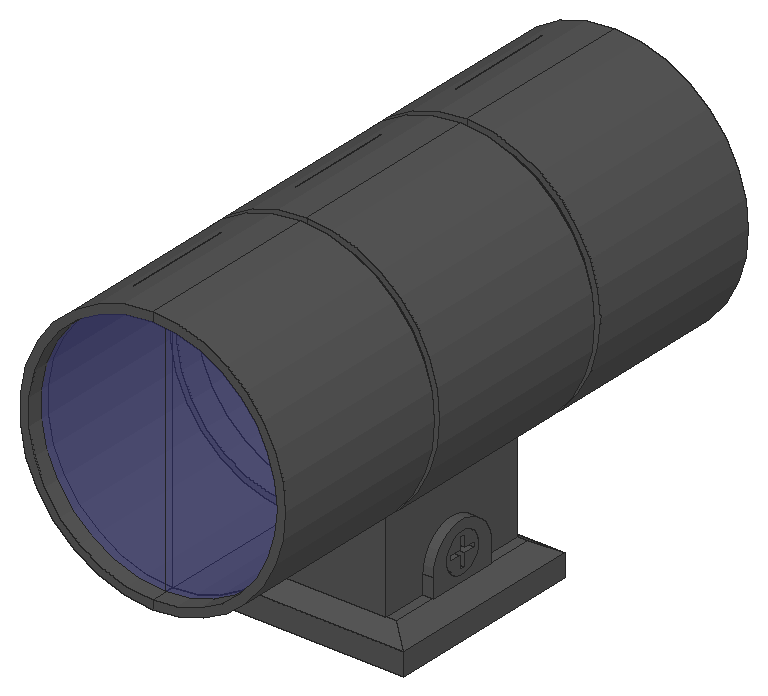
Revit family "CARLO CYLINDER LIGHT WALL MOUNT", category Lighting Fixtures, host Face, Revit 2020 (continued)
Types (10): name | Wattage_Input | Wattage Comments | Wattage | Photometric Web File | built-in parameter 1150142 | Model | built-in parameter 1150105 | Lumens | Light Length 1 | LIGHT RADIUS | LIGHT PLACEMENT | LIGHT LENGTH | LIGHT DIA | built-in parameter 1150106 | FIXED END HEIGHT | Curve base Height | Base Curve | BEAMING ANGLE | Apparent Load
    11.788 10.84 10.007 9.2236 8.4447 \r\n 7.697 6.9879 6.3297 5.7423 5.211 4.7222 4.2923 3.9447 3.6453 3.3645 \r\n 3.1131 2.8943 2.7022 2.5326 2.3832 2.2521 2.1345 2.0254 1.9241 1.8269 \r\n 1.7366 1.6565 1.5823 1.51 1.4423 1.3814 1.3246 1.27 1.2175 1.1657 \r\n 1.1167 1.0726 1.0315 0.99206 0.95434 0.91995 0.88592 0.84892 0.81184 0.77711 \r\n 0.74288 0.7078 0.67282 0.63852 0.60469 0.57165 0.53832 0.50274 0.46776 0.43636 \r\n 0.40609 0.37511 0.34456 0.31571 0.28638 0.25312 0.22138 0.22561 0.23821 0.24044 \r\n 0.24015 0.23319 0.23691 0.27514 0.32429 0.36667 0.40848 0.46923 0.52324 0.54184 \r\n 0.55379 0.58354 0.6154 0.63836 0.66279 0.69819 0.73606 0.76971 0.80325 0.83916 \r\n 0.87561 0.91075 0.94705 0.98785 1.0286 1.064 1.0999 1.1453 1.1926 1.2358 \r\n 1.2795 1.3266 1.3758 1.4264 1.48 1.5385 1.5996 1.6595 1.7233 1.7967 \r\n 1.8743 1.9506 2.0308 2.1177 2.2127 2.3173 2.4343 2.568 2.716 2.8745 \r\n 3.0516 3.2525 3.4823 3.7469 4.0492 4.395 4.7814 5.1957 5.6729 6.2552 \r\n 6.908 7.6041 8.3627 9.2071 10.097 10.983 11.912 12.933 13.984 15.01 \r\n 16.049 17.119 18.229 19.39 20.609 21.909 23.253 24.484 25.984 28.041 \r\n 30.792 34.423 39.072 43.461 52.028 70.835 93.738 115.51 139.46 168.09 \r\n 198.59 228.7 259.27 291.04 322.12 350.77 377.16 401.06 421.97 439.6 \r\n 453.05 460.12 464.4 469.1 473.15 476.45 479.28 481.84 484.26 486.72 \r\n 489.3 492.22 495.31 498.47 501.7 505.03 508.31 511.31 514.32 517.6 \r\n 521.05 524.71 528.47 532.2 536.01 539.86 544.01 548.69 553.99 560.01 \r\n 566.95 574.95 584.23 594.91 607.47 622.29 639.86 660.55 685.15 714.42 \r\n 748.84 788.7 835.3 888.75 952.95 1034.8 1125.4 1214.4 1313.4 1431.9 \r\n 1565.5 1711.8 1873.2 2054.3 2247 2444.4 2647.7 2856 3068.2 3284.2 \r\n 3499.5 3709.9 3914.3 4110.6 4298.2 4477 4644 4795.7 4934.2 5062.1 \r\n 5175.7 5272.4 5351.9 5412.5 5456.9 5487.2 5504.8 5511.9 5509.4 5499.5 \r\n 5509.6 \r\n5444.5 5444.7 5474.6 5490.8 5497 5497.9 5488.7 5465.6 5430.3 5382.1 \r\n 5324.8 5265.1 5194.1 5103.4 4997.8 4878.7 4747.3 4606.3 4453.5 4286.9 \r\n 4108.2 3917.2 3717.6 3512.5 3303.6 3092.5 2882.3 2677.4 2475.2 2272.1 \r\n 2075.1 1889.9 1717.8 1563.2 1423.2 1294.9 1182.9 1094.7 1018 940.03 \r\n 869.65 812.71 765.3 726 693.25 665.17 641.35 620.83 603.42 588.73 \r\n 576.39 566.01 557.28 549.79 543.38 537.8 532.85 528.25 524.03 520.1 \r\n 516.5 513.38 510.39 507.19 503.98 500.94 497.84 494.38 490.9 487.69 \r\n 484.54 481.24 478.07 475.43 472.76 469.54 465.98 462.08 457.98 455.01 \r\n 449.56 437.82 421.57 401.03 376.97 349.76 320.88 292.07 262.96 233.7 \r\n 204.4 174.56 146.11 121.34 98.624 75.46 56.73 48.566 44.721 40.718 \r\n 37.374 33.897 30.642 27.632 25.078 23.36 21.99 20.552 19.211 18.011 \r\n 16.895 15.819 14.794 13.828 12.882 11.892 10.937 10.093 9.2994 8.5167 \r\n 7.7649 7.0441 6.3751 5.7859 5.2554 4.7661 4.3341 3.9793 3.6716 3.3836 \r\n 3.127 2.9069 2.7152 2.5463 2.3977 2.2662 2.1484 2.0402 1.9401 1.844 \r\n 1.755 1.6759 1.6029 1.5323 1.4662 1.4058 1.3493 1.2953 1.2431 1.1906 \r\n 1.1401 1.0935 1.0499 1.0091 0.97146 0.93919 0.90692 0.86863 0.83006 0.79613 \r\n 0.76317 0.72881 0.69406 0.65898 0.62414 0.5905 0.55692 0.52188 0.48741 0.4557 \r\n 0.42485 0.39325 0.36233 0.33413 0.30524 0.27066 0.23741 0.2426 0.25585 0.25473 \r\n 0.25251 0.25374 0.26214 0.28361 0.31605 0.3657 0.41344 0.46122 0.50196 0.52465 \r\n 0.54345 0.57105 0.60086 0.62958 0.66009 0.69535 0.73186 0.76642 0.80105 0.83694 \r\n 0.87336 0.90951 0.9468 0.98761 1.0282 1.0635 1.0996 1.1448 1.191 1.2302 \r\n 1.2699 1.316 1.3649 1.4145 1.4673 1.5263 1.5888 1.6522 1.7193 1.7932 \r\n 1.8711 1.9505 2.0341 2.1218 2.2185 2.3285 2.4532 2.5969 2.7555 2.9231 \r\n 3.1094 3.3216 3.5616 3.8291 4.1383 4.508 4.9234 5.3613 5.866 6.4905 \r\n 7.1847 7.9056 8.686 9.5622 10.481 11.38 12.319 13.362 14.432 15.449 \r\n 16.486 17.598 18.755 19.932 21.165 22.504 23.892 25.108 26.701 29.202 \r\n 32.437 36.18 41.126 46.696 56.487 75.596 98.946 122.5 148.25 177.55 \r\n 208.28 238.53 269.03 300.54 331.18 359.36 385.04 407.74 427.19 443.14 \r\n 455.07 461.24 465.1 470.08 474.47 477.4 479.81 482.38 484.89 487.25 \r\n 489.74 492.68 495.83 499.03 502.36 505.94 509.46 512.53 515.57 518.91 \r\n 522.37 525.81 529.32 532.93 536.67 540.48 544.65 549.45 554.91 560.98 \r\n 568.12 576.8 586.94 598.41 611.9 627.92 646.87 668.98 695.23 726.5 \r\n 763.35 806.29 856.32 913.4 981.09 1065 1159 1256 1363.7 1488 \r\n 1626.8 1779.8 1949 2139.8 2341.3 2543.4 2748.7 2956.4 3167 3382.5 \r\n 3596.9 3805 4006.5 4200.1 4383.9 4556 4715.8 4861.7 4995.2 5118.2 \r\n 5226.5 5316.1 5388.4 5441.9 5480.2 5506.6 5521 5523.9 5517.5 5504.2 \r\n 5509.6 \r\n5444.5 5447.7 5477.4 5494.2 5500.9 5501.7 5492.2 5469 5433.4 5384.4 \r\n 5326.1 5265.2 5192.7 5100.1 4992.2 4870.4 4736.8 4594.7 4441 4273.3 \r\n 4093.5 3900.9 3700 3494.9 3285.6 3071.1 2857.5 2651.5 2449.4 2247.6 \r\n 2052.7 1869.2 1699 1546 1408 1282.8 1174.3 1090.3 1016.5 936.92 \r\n 864.3 807.88 761.64 723.03 690.88 663.29 639.87 619.67 602.54 588.18 \r\n 576.14 566.03 557.5 550.11 543.76 538.28 533.41 528.78 524.52 520.64 \r\n 517.09 513.93 510.9 507.63 504.39 501.42 498.44 495.09 491.73 488.7 \r\n 485.72 482.5 479.4 476.88 474.38 471.49 468.2 464.18 459.91 456.95 \r\n 451.75 440.91 425.63 405.71 382.04 354.92 325.96 296.99 267.64 238.06 \r\n 208.5 178.65 150.36 126.18 103.64 79.132 58.685 49.224 44.475 40.388 \r\n 37.223 33.688 30.39 27.472 25.034 23.379 22.044 20.598 19.243 18.067 \r\n 16.977 15.902 14.872 13.906 12.96 11.969 11.01 10.154 9.3492 8.5643 \r\n 7.8108 7.0795 6.4007 5.8109 5.2826 4.7957 4.3642 4.004 3.6894 3.3957 \r\n 3.1351 2.9147 2.7242 2.5566 2.4093 2.2779 2.1601 2.0529 1.9542 1.8596 \r\n 1.7721 1.6942 1.6224 1.5536 1.489 1.429 1.3726 1.3194 1.2676 1.2149 \r\n 1.1635 1.1147 1.0689 1.0269 0.98911 0.95859 0.92773 0.88839 0.8486 0.81543 \r\n 0.7836 0.74983 0.71525 0.67949 0.64379 0.60971 0.57599 0.54147 0.50747 0.47537 \r\n 0.44389 0.41165 0.38031 0.35258 0.32397 0.28812 0.25336 0.25904 0.27242 0.26771 \r\n 0.26339 0.27266 0.28557 0.29014 0.30569 0.36217 0.41568 0.45102 0.47926 0.50679 \r\n 0.53307 0.55883 0.5867 0.62108 0.65744 0.69215 0.72692 0.76234 0.7981 0.83394 \r\n 0.8703 0.90743 0.94561 0.98615 1.0263 1.0617 1.0981 1.1428 1.1874 1.2229 \r\n 1.2589 1.3036 1.3519 1.4004 1.4527 1.512 1.5759 1.6427 1.7131 1.7871 \r\n 1.8652 1.9476 2.0344 2.1231 2.2214 2.3364 2.468 2.6204 2.7885 2.9648 \r\n 3.1603 3.3838 3.6339 3.9044 4.2199 4.6112 5.0534 5.5144 6.0458 6.7096 \r\n 7.4419 8.1842 8.9828 9.8863 10.83 11.74 12.688 13.749 14.833 15.845 \r\n 16.882 18.03 19.228 20.424 21.677 23.052 24.488 25.722 27.425 30.333 \r\n 33.996 37.76 42.971 49.942 61.108 80.252 103.63 128.52 155.69 185.5 \r\n 216.41 246.83 277.33 308.54 338.76 366.57 391.7 413.42 431.66 446.12 \r\n 456.74 462.27 465.91 471.18 475.88 478.5 480.53 483.12 485.73 488.02 \r\n 490.43 493.36 496.54 499.77 503.17 506.95 510.66 513.8 516.87 520.28 \r\n 523.73 526.96 530.22 533.72 537.39 541.16 545.34 550.25 555.86 561.98 \r\n 569.33 578.65 589.62 601.87 616.27 633.45 653.72 677.22 705.12 738.31 \r\n 777.64 824.22 878.21 939.05 1010 1095.1 1191.4 1296.2 1412.6 1542.6 \r\n 1686.9 1846.4 2022.8 2222.2 2431.4 2637.7 2844.9 3052.3 3261.6 3476.5 \r\n 3689.9 3895.5 4094 4284.9 4465 4630.6 4783.4 4924.2 5052.8 5170.9 \r\n 5273.8 5356.5 5421.7 5468.9 5501.9 5524.8 5536.4 5535.7 5525.7 5509.2 \r\n 5509.6 \r\n5444.5 5456.9 5486.3 5503.4 5510.5 5510.8 5500.6 5476.8 5440.7 5391.4 \r\n 5332.3 5269.8 5194.9 5099.4 4988.4 4863.9 4727.6 4583.2 4427.5 4257.7 \r\n 4075.8 3881.1 3678.4 3472.4 3262 3045.4 2829.8 2622.8 2420.8 2220.6 \r\n 2027.9 1846.4 1678.2 1527.3 1391.9 1271.4 1167.4 1086.3 1013.9 933.04 \r\n 858.82 803.08 758.04 720.16 688.64 661.6 638.66 618.86 602.08 588.04 \r\n 576.3 566.45 558.15 550.93 544.73 539.4 534.65 530.09 525.88 522.07 \r\n 518.57 515.38 512.29 509 505.76 502.87 499.97 496.7 493.44 490.51 \r\n 487.63 484.48 481.44 478.94 476.5 473.85 470.74 466.56 462.08 459.01 \r\n 453.93 443.75 429.23 409.74 386.34 359.32 330.34 301.27 271.7 241.72 \r\n 211.79 181.83 153.65 130.11 108.04 83.072 61.644 50.577 44.401 40.121 \r\n 37.137 33.57 30.265 27.429 25.084 23.46 22.132 20.675 19.309 18.151 \r\n 17.08 16.001 14.961 13.989 13.038 12.048 11.086 10.217 9.398 8.6091 \r\n 7.8524 7.1108 6.4223 5.83 5.3021 4.8172 4.3872 4.0244 3.7058 3.4084 \r\n 3.1448 2.9239 2.734 2.5675 2.4212 2.2897 2.1717 2.0653 1.9676 1.874 \r\n 1.7875 1.7104 1.6393 1.5714 1.5074 1.4473 1.3908 1.338 1.2869 1.2351 \r\n 1.1843 1.1347 1.088 1.0458 1.008 0.97803 0.94755 0.90776 0.86747 0.83456 \r\n 0.80313 0.76957 0.73498 0.69872 0.66249 0.62826 0.59458 0.5603 0.52641 0.49376 \r\n 0.46156 0.42877 0.39699 0.36917 0.34027 0.30315 0.26699 0.27347 0.28753 0.28063 \r\n 0.27481 0.28891 0.30402 0.29627 0.29934 0.35892 0.41515 0.44269 0.46345 0.49435 \r\n 0.52579 0.55113 0.57843 0.61649 0.65643 0.69066 0.72419 0.76016 0.79668 0.83251 \r\n 0.86881 0.90647 0.94506 0.98511 1.0247 1.0604 1.0971 1.1411 1.1846 1.2184 \r\n 1.2528 1.2968 1.3439 1.3906 1.4414 1.5008 1.5658 1.6348 1.7073 1.7813 \r\n 1.8594 1.9441 2.0334 2.1232 2.223 2.3415 2.4777 2.6349 2.8086 2.9916 \r\n 3.1948 3.4283 3.6881 3.9632 4.2852 4.6918 5.1532 5.6346 6.1891 6.8821 \r\n 7.6421 8.4006 9.2124 10.133 11.092 12.013 12.968 14.037 15.128 16.144 \r\n 17.188 18.352 19.571 20.792 22.077 23.487 24.977 26.288 28.123 31.294 \r\n 35.211 38.879 44.319 52.875 65.576 84.738 107.84 133.05 160.6 190.59 \r\n 221.65 252.3 282.93 313.9 343.77 371.4 396.28 417.51 435.06 448.51 \r\n 458.21 463.37 466.94 472.43 477.37 479.83 481.66 484.31 487.01 489.31 \r\n 491.71 494.65 497.84 501.09 504.52 508.34 512.11 515.27 518.35 521.79 \r\n 525.23 528.33 531.44 534.84 538.46 542.2 546.4 551.37 557.08 563.32 \r\n 570.89 580.71 592.32 605.24 620.43 638.56 659.94 684.69 714.08 748.94 \r\n 790.73 841.69 900.34 964.93 1038.6 1123.8 1221 1331.6 1455 1590.5 \r\n 1740.1 1905.4 2087.4 2292.6 2506.6 2716 2925.1 3133.2 3342.2 3556.8 \r\n 3769.2 3972.8 4168.6 4356.7 4533.4 4693.7 4841.2 4977.9 5102.5 5215.6 \r\n 5313.1 5389.8 5449.3 5491.9 5521.3 5541.6 5550.9 5547.6 5534.7 5515.3 \r\n 5509.6 \r\n5444.5 5472.7 5502 5519.3 5526.3 5525.8 5514.5 5489.8 5452.9 5403.7 \r\n 5344.4 5279.5 5201.4 5102.2 4987.5 4860 4720.8 4573 4413.8 4240.8 \r\n 4055.9 3858.6 3653.5 3445.5 3233.6 3016.1 2800 2592.4 2390.4 2191.9 \r\n 2001.4 1822.2 1656.4 1507.8 1375.8 1261.3 1162.8 1083 1010.3 928.54 \r\n 853.52 798.56 754.7 717.58 686.7 660.25 637.85 618.52 602.14 588.42 \r\n 576.94 567.35 559.29 552.33 546.36 541.23 536.66 532.27 528.19 524.49 \r\n 521.04 517.81 514.67 511.4 508.22 505.37 502.52 499.31 496.09 493.19 \r\n 490.33 487.23 484.21 481.65 479.15 476.61 473.56 469.2 464.49 461.23 \r\n 456.15 446.41 432.41 413.16 389.9 363.03 334.11 304.99 275.24 244.78 \r\n 214.37 184.12 155.96 133.11 111.8 87.316 65.71 52.712 44.549 39.954 \r\n 37.148 33.578 30.301 27.534 25.25 23.621 22.267 20.796 19.421 18.273 \r\n 17.212 16.123 15.067 14.082 13.122 12.133 11.171 10.286 9.4505 8.6549 \r\n 7.8931 7.1411 6.4429 5.8456 5.3157 4.832 4.4041 4.0415 3.7222 3.4231 \r\n 3.1576 2.9357 2.7455 2.5797 2.4341 2.3021 2.1837 2.0777 1.9806 1.8873 \r\n 1.8009 1.7241 1.6533 1.5852 1.5208 1.4601 1.4031 1.3504 1.3002 1.2506 \r\n 1.2021 1.1535 1.1072 1.0657 1.0283 0.9975 0.96623 0.92665 0.88668 0.85343 \r\n 0.82155 0.78777 0.753 0.71644 0.68001 0.64598 0.6125 0.57815 0.54394 0.51056 \r\n 0.47756 0.44432 0.41208 0.38354 0.35369 0.31532 0.27788 0.2856 0.30107 0.2937 \r\n 0.28714 0.30231 0.31688 0.30226 0.29814 0.35649 0.41184 0.43699 0.45609 0.48847 \r\n 0.52218 0.54873 0.57707 0.61647 0.65737 0.69126 0.72423 0.76039 0.79721 0.83309 \r\n 0.86935 0.90701 0.94544 0.98481 1.0238 1.0599 1.0969 1.1398 1.1822 1.2166 \r\n 1.2514 1.2943 1.3401 1.3851 1.4344 1.4937 1.5592 1.6292 1.7024 1.7762 \r\n 1.8542 1.9402 2.0313 2.1224 2.2236 2.344 2.4819 2.6396 2.8145 3.0017 \r\n 3.2111 3.4532 3.7221 4.0039 4.3326 4.7472 5.2195 5.7179 6.2913 7.0024 \r\n 7.7783 8.5476 9.3675 10.295 11.259 12.188 13.15 14.214 15.303 16.335 \r\n 17.395 18.552 19.77 21.024 22.355 23.797 25.346 26.8 28.786 32.059 \r\n 36.036 39.485 45.116 55.434 69.833 89.045 111.57 135.97 162.78 192.59 \r\n 223.73 254.7 285.61 316.38 346 373.66 398.62 419.87 437.32 450.3 \r\n 459.52 464.58 468.21 473.84 478.93 481.41 483.24 485.98 488.79 491.18 \r\n 493.65 496.62 499.8 503.05 506.46 510.17 513.83 516.96 520.03 523.47 \r\n 526.91 529.97 533.02 536.36 539.94 543.67 547.89 552.88 558.65 565.05 \r\n 572.88 583.03 595.06 608.52 624.35 643.2 665.45 691.26 721.98 758.22 \r\n 802.42 858.53 922.61 990.9 1066.7 1150.8 1247.2 1361.4 1490 1630.7 \r\n 1785.5 1955.6 2141.6 2349.1 2564.8 2776.2 2987.2 3197 3407.2 3621.6 \r\n 3833 4035.2 4228.8 4414 4587.3 4744.1 4887.9 5022 5143.5 5251.6 \r\n 5343.6 5415.3 5470.4 5510.6 5538.3 5556.9 5564.5 5559.5 5544.7 5522.8 \r\n 5509.6 \r\n5444.5 5493.5 5522.5 5539.7 5546.5 5544.7 5532 5505.8 5467.9 5419.1 \r\n 5359.5 5291.8 5209.6 5105.8 4986.4 4855.5 4712.9 4560.8 4397 4219.8 \r\n 4031.1 3830.7 3622.9 3412.1 3198.2 2980.6 2764.8 2556.8 2354.9 2158.3 \r\n 1970.6 1793.8 1631 1485.3 1357.2 1250.4 1158.7 1079.6 1005.5 922.93 \r\n 847.42 793.44 750.92 714.66 684.52 658.78 637.01 618.25 602.36 588.98 \r\n 577.79 568.48 560.71 554.07 548.41 543.52 539.16 535.01 531.15 527.57 \r\n 524.19 520.91 517.71 514.51 511.4 508.6 505.79 502.62 499.43 496.52 \r\n 493.64 490.59 487.6 484.9 482.27 479.77 476.74 472.14 467.12 463.51 \r\n 458.21 448.71 435.02 415.83 392.6 365.84 336.99 307.85 277.91 246.9 \r\n 215.95 185.41 157.33 135.28 115 91.738 70.543 55.341 44.746 39.758 \r\n 37.149 33.602 30.387 27.689 25.455 23.802 22.407 20.919 19.538 18.398 \r\n 17.344 16.242 15.167 14.165 13.192 12.207 11.248 10.346 9.4911 8.6885 \r\n 7.9218 7.1601 6.4527 5.8498 5.3174 4.836 4.4119 4.0518 3.7341 3.435 \r\n 3.1688 2.9463 2.7557 2.5906 2.4459 2.3135 2.1946 2.089 1.9924 1.8992 \r\n 1.8128 1.7362 1.6652 1.5965 1.5313 1.4696 1.412 1.3592 1.31 1.2636 \r\n 1.2185 1.1717 1.1268 1.0864 1.0494 1.0171 0.98427 0.94534 0.90621 0.87233 \r\n 0.83953 0.80526 0.77018 0.73347 0.69708 0.66348 0.63035 0.59577 0.56102 0.52679 \r\n 0.49292 0.45928 0.42654 0.39688 0.36569 0.32609 0.28742 0.29637 0.31332 0.30615 \r\n 0.29913 0.3135 0.32615 0.30718 0.29826 0.3531 0.40578 0.43138 0.45198 0.48534 \r\n 0.52029 0.549 0.57918 0.61877 0.65925 0.69266 0.72519 0.76135 0.79828 0.8342 \r\n 0.87041 0.90781 0.94577 0.98421 1.0225 1.0591 1.0963 1.1376 1.1785 1.214 \r\n 1.2499 1.291 1.3347 1.3796 1.4283 1.4877 1.5533 1.6235 1.6968 1.7702 \r\n 1.8479 1.9348 2.0271 2.1196 2.2222 2.3434 2.4814 2.6368 2.8104 3.0004 \r\n 3.2152 3.4652 3.7428 4.0322 4.3676 4.7857 5.2636 5.7772 6.3671 7.0895 \r\n 7.8739 8.6497 9.4733 10.399 11.362 12.298 13.264 14.317 15.399 16.453 \r\n 17.534 18.669 19.872 21.165 22.551 24.023 25.636 27.28 29.438 32.714 \r\n 36.63 39.753 45.543 57.821 74.074 93.209 114.8 137.63 162.94 192.32 \r\n 223.5 254.85 286.12 316.72 346.14 373.98 399.25 420.9 438.66 451.5 \r\n 460.56 465.79 469.65 475.39 480.57 483.18 485.14 487.99 490.91 493.45 \r\n 496.03 499.02 502.18 505.42 508.76 512.27 515.72 518.79 521.84 525.26 \r\n 528.68 531.75 534.81 538.1 541.63 545.37 549.61 554.57 560.38 566.98 \r\n 575.08 585.46 597.8 611.73 628.12 647.56 670.54 697.31 729.27 766.72 \r\n 813.34 875.26 945.39 1017.4 1095 1176.9 1271.2 1387.9 1520.7 1666.5 \r\n 1826.6 2000.9 2189.9 2397.5 2612.8 2825.4 3038.2 3250.3 3462.4 3676.8 \r\n 3887.3 4088.1 4279.8 4462 4632.1 4786 4927.3 5059.5 5178.5 5281.6 \r\n 5368.2 5435.3 5487 5526.1 5553.3 5570.8 5577.2 5571.3 5555.3 5531 \r\n 5509.6 \r\n5444.5 5519.2 5547.8 5564.9 5571.1 5567.7 5553 5524.9 5485.7 5437.4 \r\n 5377.8 5306.6 5219.5 5110.1 4985.3 4850.4 4704 4546.4 4377 4194.8 \r\n 4001.4 3797.3 3586.4 3372.2 3155.9 2938.8 2724.2 2515.9 2314.2 2119.9 \r\n 1935.2 1761.5 1601.9 1459.5 1336.3 1238.8 1155.2 1076 999.6 916.21 \r\n 840.53 787.71 746.7 711.41 682.11 657.17 636.14 618.06 602.74 589.74 \r\n 578.85 569.85 562.39 556.14 550.87 546.27 542.17 538.33 534.74 531.33 \r\n 528.02 524.69 521.43 518.31 515.32 512.56 509.77 506.64 503.46 500.5 \r\n 497.57 494.57 491.59 488.69 485.84 483.33 480.25 475.38 469.97 465.84 \r\n 460.11 450.63 437.06 417.77 394.44 367.76 339 309.85 279.73 248.1 \r\n 216.53 185.7 157.76 136.63 117.65 96.339 76.143 58.463 44.991 39.533 \r\n 37.142 33.643 30.521 27.892 25.698 24.003 22.55 21.045 19.66 18.526 \r\n 17.476 16.357 15.261 14.237 13.25 12.27 11.317 10.396 9.5198 8.7098 \r\n 7.9385 7.1677 6.4515 5.8424 5.3072 4.8292 4.4107 4.0553 3.7416 3.444 \r\n 3.1784 2.9555 2.7645 2.6004 2.4566 2.3239 2.2045 2.0992 2.003 
